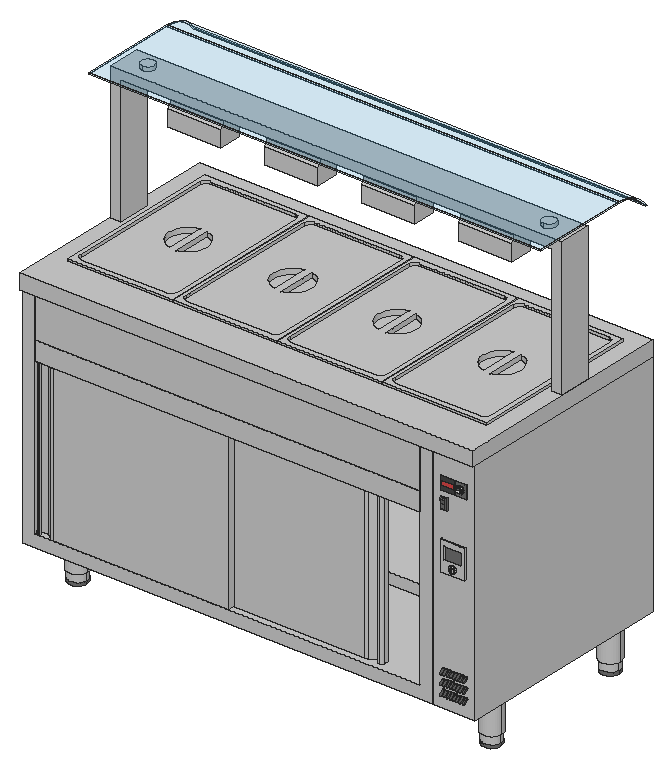
Revit family "QF_INOMAK_MVV714_250606090320", category Specialty Equipment, Revit 2021
Family settings
  Round Connector Dimension = Use Diameter
  Part Type = Normal
  OmniClass Number = 23.40.40.14
  OmniClass Title = Food Service Equipment
  Work Plane-Based = No
  Always vertical = Yes
  Cut with Voids When Loaded = No
  Shared = No
  Room Calculation Point = No
Parameters (values of type "MVV714")
  Weight [instance] = 78.00 kg
  Waste Water Discharge Temperature [instance] = 0 °C
  Waste Remarks [instance] = ""
  Warranty Start Date [instance] = ""
  Warranty Duration [instance] = ""
  Volts [instance] = 230 V
  Volt Free Conn [instance] = no
  URL Recommended Spares List [instance] = ""
  URL Manufacturer [instance] = ""
  URL Cutsheet [instance] = ""
  URL Critical Spares List [instance] = ""
  URL = "www.inomak.com"
  Technical Documentation [instance] = ""
  Tag Number [instance] = ""
  Status [instance] = ""
  Start Up Current [instance] = 0 A
  Specification by User [instance] = ""
  Specification by Manufacturer [instance] = ""
  Sound Level [instance] = ""
  Show Logo [instance] = yes
  Show Clearances [instance] = yes
  Service Life Duration [instance] = ""
  Serial Number [instance] = ""
  Seismic Rating [instance] = ""
  SMACNA No [instance] = ""
  Revision Code [instance] = ""
  Revision [instance] = ""
  Production Year [instance] = ""
  Potential Equalisation [instance] = no
  Point Load [instance] = 0
  Plumbing Remarks [instance] = ""
  Plumbing Connection Type [instance] = ""
  Phase [instance] = 1
  Other Equipment Approvals [instance] = ""
  Operational Current [instance] = 0 A
  Odor Trap Included [instance] = no
  Number of Poles [instance] = 2
  No Load Power Draw [instance] = no
  National Water Regulation Certification [instance] = no
  NAFEM Spec ID Number [instance] = ""
  Model Warning [instance] = ""
  Model = "MVV714"
  Min Ckt Ampacity [instance] = 0 A
  Max Overcurrent Protection [instance] = 16 A
  Masterspec [instance] = ""
  Manufacturer = "INOMAK"
  Main switch integrated [instance] = no
  Length Actual [instance] = 1406 mm
  Item Number [instance] = ""
  Installed By [instance] = ""
  Installation Date [instance] = ""
  Indirect Waste Size [instance] = 25.4 mm
  Indirect Waste Remarks [instance] = ""
  Indirect Waste Flow [instance] = 0.0 L/s
  Indirect Waste Connection Type [instance] = ""
  Indirect Waste Connection Height [instance] = 0 mm
  Identify Quantity as Lot [instance] = no
  ID [instance] = ""
  Hygiene Approval [instance] = ""
  Height Actual [instance] = 1313 mm
  HP power [instance] = ""
  Furnished By [instance] = ""
  Foodservice Equipment Identifier [instance] = no
  FL Amps [instance] = 11 A
  Electrical Remarks [instance] = ""
  Electric power [instance] = 2520 W
  Electric Connection Type [instance] = ""
  Elec Conn RI Height [instance] = 0 mm
  Elec Conn Connection Height [instance] = 0 mm
  ETL Approved [instance] = no
  Direct Waste Water Discharge Temperature [instance] = -273.15 °C
  Direct Waste Size [instance] = 25.4 mm
  Direct Waste RI Height [instance] = 0 mm
  Direct Waste Flow [instance] = 0.0 L/s
  Direct Waste Connection Height [instance] = 0 mm
  Description = "BAIN MARIE ON CUPBOARD WITH 3 GN PANS CAPACITY AND SINGLE SNEEZE GUARD"
  Depth Actual [instance] = 700 mm
  Default Elevation = 0 mm
  Cycle [instance] = 50 Hz
  Cost = 0
  Connection to energy optimisation system [instance] = yes
  Conn Plug [instance] = ""
  Conn Conduit [instance] = no
  Cold Water Temperature Recommended [instance] = 0 °C
  Cold Water Size [instance] = 12.7 mm
  Cold Water Remarks [instance] = ""
  Cold Water RI Height [instance] = 0 mm
  Cold Water Quality [instance] = ""
  Cold Water Minimum Pressure [instance] = 200000.0 Pa
  Cold Water Maximum Pressure [instance] = 600000.0 Pa
  Cold Water Flow [instance] = 0.0 L/s
  Cold Water Connection Type [instance] = ""
  Cold Water Connection Height [instance] = 0 mm
  Centralized building control system with digital interface [instance] = ""
  CSI MasterFormat [instance] = ""
  CE Approved [instance] = no
  Barcode [instance] = 0
  Author [instance] = ""
  Asset Identifier [instance] = ""
  Apparent Power [instance] = 2520 VA
  Accessory [instance] = no
Reference planes
  plane 1 "Center (Front/Back)": y = 0
  plane 2: z = 0
  plane 3 "Center (Left/Right)": x = 0
Forms (mm)
  Extrusion 1, solid, not visible
    sketch origin (110.005, -510.025, 146.007) x (1, 0, 0) y (0, 1, 0)
      loop
        line (-2, 2) -> (-2, -2) -> (2, -2) -> (2, 2) -> (-2, 2)
    from -2 to 2
  Extrusion 2, solid, not visible
    sketch origin (110.005, -410.02, 146.007) x (1, 0, 0) y (0, 1, 0)
      loop
        line (-2, 2) -> (-2, -2) -> (2, -2) -> (2, 2) -> (-2, 2)
    from -2 to 2
  Extrusion 3, solid, not visible
    sketch origin (1360.066, -635.031, 146.007) x (1, 0, 0) y (0, 1, 0)
      loop
        line (-2, 2) -> (-2, -2) -> (2, -2) -> (2, 2) -> (-2, 2)
    from -2 to 2
Dimensions and locks
  locked: nested 2 to Extrusion 1 at 2  (x2)
  locked: nested 3 to Extrusion 2 at 2  (x2)
  locked: nested 4 to Extrusion 3 at 2  (x2)
  aligned and locked: level to plane 2
Nested families
  nested 1: "QF_INOMAK_CUPBOARD_BAIN_MARIES_1410_2920" at (0, 0, 144), type "MVV714"
    with Weight 78.00 kg, Warranty Start Date "", Warranty Duration "", URL Cutsheet "", Technical Documentation "", Tag Number "", Status "", Specification by User "", Specification by Manufacturer "", Sound Level "", Solid Fuel Type "", Show Logo yes, Show Clearances yes, Service Life Duration "", Serial Number "", Seismic Rating "", SMACNA No "", Revision Code "", Revision "", Production Year "", Point Load 0, Other Equipment Approvals "", NAFEM Spec ID Number "", Model Warning "", Masterspec "", Length Actual 1406 mm, Item Number "", Installed By "", Installation Date "", Identify Quantity as Lot yes, ID "", Hygiene Approval "", Height Actual 1313 mm, Furnished By "", Foodservice Equipment Identifier yes, ETL Approved yes, Depth Actual 700 mm, CSI MasterFormat "", CE Approved yes, Barcode "", Author "", Asset Identifier "", Accessory no
  nested 2: "CONN_POINT_COLDWATER_2D___Generic_Annotation" at (110.005, -510.025, 144.007), type "CONN_POINT_COLDWATER_2D___Generic_Annotation"
    with Onboard connection annotation symbol visibility yes
  nested 3: "CONN_POINT_DRAIN_2D___Generic_Annotation" at (110.005, -410.02, 144.007), type "CONN_POINT_DRAIN_2D___Generic_Annotation"
    with Onboard connection annotation symbol visibility yes
  nested 4: "CONN_POINT_ELE_2D___Generic_Annotation" at (1360.066, -635.031, 144.007), type "CONN_POINT_ELE_2D___Generic_Annotation"
    with Onboard connection annotation symbol visibility yes
  nested 5: "QF_INOMAK_HEAT_WORKTOPS_HTSS_1410_5042" at (0, 0, 900), type "HTSS-1410-630"
    with Weight 0.00 kg, Warranty Start Date "", Warranty Duration "", URL Cutsheet "", Technical Documentation "", Tag Number "", Status "", Specification by User "", Specification by Manufacturer "", Sound Level "", Solid Fuel Type "", Show Logo yes, Show Clearances yes, Service Life Duration "", Serial Number "", Seismic Rating "", SMACNA No "", Revision Code "", Revision "", Production Year "", Point Load 0, Other Equipment Approvals "", NAFEM Spec ID Number "", Model Warning "", Masterspec "", Length Actual 1406 mm, Item Number "", Installed By "", Installation Date "", Identify Quantity as Lot yes, ID "", Hygiene Approval "", Height Actual 440 mm, Furnished By "", Foodservice Equipment Identifier yes, ETL Approved yes, Depth Actual 630 mm, CSI MasterFormat "", CE Approved yes, Barcode "", Author "", Asset Identifier "", Accessory yes
  nested 6: "QF_INOMAK_LEGS_6112" at (0, 0, 0), type "LG-1410-700"
    with Weight 0.00 kg, Warranty Start Date "", Warranty Duration "", URL Cutsheet "", Technical Documentation "", Tag Number "", Status "", Specification by User "", Specification by Manufacturer "", Sound Level "", Solid Fuel Type "", Show Logo yes, Show Clearances yes, Service Life Duration "", Serial Number "", Seismic Rating "", SMACNA No "", Revision Code "", Revision "", Production Year "", Point Load 0, Other Equipment Approvals "", NAFEM Spec ID Number "", Model Warning "", Masterspec "", Length Actual 1406 mm, Item Number "", Installed By "", Installation Date "", Identify Quantity as Lot yes, ID "", Hygiene Approval "", Height Actual 144 mm, Furnished By "", Foodservice Equipment Identifier yes, ETL Approved yes, Depth Actual 700 mm, CSI MasterFormat "", CE Approved yes, Barcode "", Author "", Asset Identifier "", Accessory yes
Connectors
  piping at (110.005, -510.025, 144.007), diameter 12.7, driven by "Cold Water Size", driven by "Cold Water Flow"
    settings: on Extrusion 1, index 1, connector inside diameter 609.6 mm, connector length 0 mm, flow factor 0, pipe flow 0.0 L/s, pressure drop 0.0 Pa, fitting loss kfactor 0, connector angle 0.00°, fixture units 0, engagement length 0 mm, angle of deflection 0.00°, flow configuration 1, flow direction 1, fitting loss method 0, system type 20, joint type 0, gender type 0, connector reference index -1, connector utility 0, adjustable connector no, is connector primary yes, connector description "Cold Water connection for MVV714"
  piping at (110.005, -410.02, 144.007), diameter 25.4, driven by "Indirect Waste Size", driven by "Direct Waste Flow"
    settings: on Extrusion 2, index 2, connector inside diameter 609.6 mm, connector length 0 mm, flow factor 0, pipe flow 0.0 L/s, pressure drop 0.0 Pa, fitting loss kfactor 0, connector angle 0.00°, fixture units 0, engagement length 0 mm, angle of deflection 0.00°, flow configuration 1, flow direction 2, fitting loss method 0, system type 16, joint type 0, gender type 0, connector reference index -1, connector utility 0, adjustable connector no, is connector primary no, connector description "Waste connection for MVV714"
  electrical at (1360.066, -635.031, 144.007), driven by "Apparent Power", driven by "Number of Poles", driven by "Volts"
    settings: on Extrusion 3, index 3, voltage 230 V, apparent load 0 VA, apparent load phase1 2520 VA, apparent load phase2 0 VA, apparent load phase3 0 VA, power factor 1, load classification "Other", number of poles 2, system type 31, power factor state 1, is connector primary yes, connector utility no, sub classification motor no, connector description "Electrical connection for MVV714"
Definition of nested family "QF_INOMAK_CUPBOARD_BAIN_MARIES_1410_2920"
  Parameters (values of type "MFV714")
    Weight [instance] = 0.00 kg
    Warranty Start Date [instance] = ""
    Warranty Duration [instance] = ""
    URL Cutsheet [instance] = ""
    URL = "www.inomak.com"
    Technical Documentation [instance] = ""
    Tag Number [instance] = ""
    Status [instance] = ""
    Specification by User [instance] = ""
    Specification by Manufacturer [instance] = ""
    Sound Level [instance] = ""
    Solid Fuel Type [instance] = ""
    Show Logo [instance] = yes
    Show Clearances [instance] = yes
    Service Life Duration [instance] = ""
    Serial Number [instance] = ""
    Seismic Rating [instance] = ""
    SMACNA No [instance] = ""
    Revision Code [instance] = ""
    Revision [instance] = ""
    Production Year [instance] = ""
    Point Load [instance] = 0
    Other Equipment Approvals [instance] = ""
    NAFEM Spec ID Number [instance] = ""
    Model Warning [instance] = ""
    Model = "MFV714"
    Masterspec [instance] = ""
    Manufacturer = "INOMAK"
    Length Actual [instance] = 0 mm
    Item Number [instance] = ""
    Installed By [instance] = ""
    Installation Date [instance] = ""
    Identify Quantity as Lot [instance] = yes
    ID [instance] = ""
    Hygiene Approval [instance] = ""
    Height Actual [instance] = 0 mm
    Furnished By [instance] = ""
    Foodservice Equipment Identifier [instance] = yes
    ETL Approved [instance] = yes
    Description = "BAIN MARIE ON CUPBOARD WITH 3 GN PANS CAPACITY AND SHOWCASE"
    Depth Actual [instance] = 0 mm
    Default Elevation = 0 mm
    CSI MasterFormat [instance] = ""
    CE Approved [instance] = yes
    Barcode [instance] = ""
    Author [instance] = ""
    Asset Identifier [instance] = ""
    Assembly Code = "E1090320"
    Accessory [instance] = yes
  Types (10, lengths in mm): name | Model | Description
    MFV714 | "MFV714" | "BAIN MARIE ON CUPBOARD WITH 3 GN PANS CAPACITY AND SHOWCASE"
    MDV714 | "MDV714" | "BAIN MARIE ON CUPBOARD WITH 3 GN PANS CAPACITY"
    MVV714 | "MVV714" | "BAIN MARIE ON CUPBOARD WITH 3 GN PANS CAPACITY AND SINGLE SNEEZE GUARD"
    MRV714 | "MRV714" | "BAIN MARIE ON CUPBOARD WITH 3 GN PANS CAPACITY AND DOUBLE SNEEZE GUARD"
    MFSQ714 | "MFSQ714" | "BAIN MARIE ON CUPBOARD WITH 3 GN PANS CAPACITY AND SQUARE SHOWCASE"
    MIV714 | "MIV714" | "BAIN MARIE ON HEATED CUPBOARD WITH 3 GN PANS CAPACITY AND SHOWCASE"
    MHV714 | "MHV714" | "BAIN MARIE ON HEATED CUPBOARD WITH 3 GN PANS CAPACITY"
    MJV714 | "MJV714" | "BAIN MARIE ON HEATED CUPBOARD WITH 3 GN PANS CAPACITY AND SINGLE SNEEZE GUARD"
    MQV714 | "MQV714" | "BAIN MARIE ON HEATED CUPBOARD WITH 3 GN PANS CAPACITY AND DOUBLE SNEEZE GUARD"
    MISQ714 | "MISQ714" | "BAIN MARIE ON HEATED CUPBOARD WITH 3 GN PANS CAPACITY AND SQUARE SHOWCASE"
  Reference planes
    plane 1 "Back": y = 0
    plane 2: z = 0
    plane 3 "Left": x = 0
    plane 4 "Right": x = 1406
    plane 5 "Front": y = -700
    plane 6 "Top": z = 756
  Forms (mm)
    Extrusion 1, solid
      sketch origin (784.283, -707, -123.631) x (-1, 0, 0) y (0, 0, 1)
        loop
          arc (-522.253, 235.165) -> (-526.351, 236.263) -> (-527.449, 232.165) r 3
          line (-527.449, 232.165) -> (-518.449, 216.577)
          arc (-518.449, 216.577) -> (-514.351, 215.479) -> (-513.253, 219.577) r 3
          line (-513.253, 219.577) -> (-522.253, 235.165)
        loop
          arc (-532.253, 235.165) -> (-536.351, 236.263) -> (-537.449, 232.165) r 3
          line (-537.449, 232.165) -> (-528.449, 216.577)
          arc (-528.449, 216.577) -> (-524.351, 215.479) -> (-523.253, 219.577) r 3
          line (-523.253, 219.577) -> (-532.253, 235.165)
        loop
          arc (-542.253, 235.165) -> (-546.351, 236.263) -> (-547.449, 232.165) r 3
          line (-547.449, 232.165) -> (-538.449, 216.577)
          arc (-538.449, 216.577) -> (-534.351, 215.479) -> (-533.253, 219.577) r 3
          line (-533.253, 219.577) -> (-542.253, 235.165)
        loop
          arc (-552.253, 235.165) -> (-556.351, 236.263) -> (-557.449, 232.165) r 3
          line (-557.449, 232.165) -> (-548.449, 216.577)
          arc (-548.449, 216.577) -> (-544.351, 215.479) -> (-543.253, 219.577) r 3
          line (-543.253, 219.577) -> (-552.253, 235.165)
        loop
          arc (-562.253, 235.165) -> (-566.351, 236.263) -> (-567.449, 232.165) r 3
          line (-567.449, 232.165) -> (-558.449, 216.577)
          arc (-558.449, 216.577) -> (-554.351, 215.479) -> (-553.253, 219.577) r 3
          line (-553.253, 219.577) -> (-562.253, 235.165)
        loop
          arc (-572.253, 235.165) -> (-576.351, 236.263) -> (-577.449, 232.165) r 3
          line (-577.449, 232.165) -> (-568.449, 216.577)
          arc (-568.449, 216.577) -> (-564.351, 215.479) -> (-563.253, 219.577) r 3
          line (-563.253, 219.577) -> (-572.253, 235.165)
        loop
          arc (-582.253, 235.165) -> (-586.351, 236.263) -> (-587.449, 232.165) r 3
          line (-587.449, 232.165) -> (-578.449, 216.577)
          arc (-578.449, 216.577) -> (-574.351, 215.479) -> (-573.253, 219.577) r 3
          line (-573.253, 219.577) -> (-582.253, 235.165)
        loop
          arc (-592.253, 235.165) -> (-596.351, 236.263) -> (-597.449, 232.165) r 3
          line (-597.449, 232.165) -> (-588.449, 216.577)
          arc (-588.449, 216.577) -> (-584.351, 215.479) -> (-583.253, 219.577) r 3
          line (-583.253, 219.577) -> (-592.253, 235.165)
        loop
          arc (-522.253, 205.165) -> (-526.351, 206.263) -> (-527.449, 202.165) r 3
          line (-527.449, 202.165) -> (-518.449, 186.577)
          arc (-518.449, 186.577) -> (-514.351, 185.479) -> (-513.253, 189.577) r 3
          line (-513.253, 189.577) -> (-522.253, 205.165)
        loop
          arc (-532.253, 205.165) -> (-536.351, 206.263) -> (-537.449, 202.165) r 3
          line (-537.449, 202.165) -> (-528.449, 186.577)
          arc (-528.449, 186.577) -> (-524.351, 185.479) -> (-523.253, 189.577) r 3
          line (-523.253, 189.577) -> (-532.253, 205.165)
        loop
          arc (-542.253, 205.165) -> (-546.351, 206.263) -> (-547.449, 202.165) r 3
          line (-547.449, 202.165) -> (-538.449, 186.577)
          arc (-538.449, 186.577) -> (-534.351, 185.479) -> (-533.253, 189.577) r 3
          line (-533.253, 189.577) -> (-542.253, 205.165)
        loop
          arc (-552.253, 205.165) -> (-556.351, 206.263) -> (-557.449, 202.165) r 3
          line (-557.449, 202.165) -> (-548.449, 186.577)
          arc (-548.449, 186.577) -> (-544.351, 185.479) -> (-543.253, 189.577) r 3
          line (-543.253, 189.577) -> (-552.253, 205.165)
        loop
          arc (-562.253, 205.165) -> (-566.351, 206.263) -> (-567.449, 202.165) r 3
          line (-567.449, 202.165) -> (-558.449, 186.577)
          arc (-558.449, 186.577) -> (-554.351, 185.479) -> (-553.253, 189.577) r 3
          line (-553.253, 189.577) -> (-562.253, 205.165)
        loop
          arc (-572.253, 205.165) -> (-576.351, 206.263) -> (-577.449, 202.165) r 3
          line (-577.449, 202.165) -> (-568.449, 186.577)
          arc (-568.449, 186.577) -> (-564.351, 185.479) -> (-563.253, 189.577) r 3
          line (-563.253, 189.577) -> (-572.253, 205.165)
        loop
          arc (-582.253, 205.165) -> (-586.351, 206.263) -> (-587.449, 202.165) r 3
          line (-587.449, 202.165) -> (-578.449, 186.577)
          arc (-578.449, 186.577) -> (-574.351, 185.479) -> (-573.253, 189.577) r 3
          line (-573.253, 189.577) -> (-582.253, 205.165)
        loop
          arc (-592.253, 205.165) -> (-596.351, 206.263) -> (-597.449, 202.165) r 3
          line (-597.449, 202.165) -> (-588.449, 186.577)
          arc (-588.449, 186.577) -> (-584.351, 185.479) -> (-583.253, 189.577) r 3
          line (-583.253, 189.577) -> (-592.253, 205.165)
        loop
          arc (-522.253, 175.165) -> (-526.351, 176.263) -> (-527.449, 172.165) r 3
          line (-527.449, 172.165) -> (-518.449, 156.577)
          arc (-518.449, 156.577) -> (-514.351, 155.479) -> (-513.253, 159.577) r 3
          line (-513.253, 159.577) -> (-522.253, 175.165)
        loop
          arc (-532.253, 175.165) -> (-536.351, 176.263) -> (-537.449, 172.165) r 3
          line (-537.449, 172.165) -> (-528.449, 156.577)
          arc (-528.449, 156.577) -> (-524.351, 155.479) -> (-523.253, 159.577) r 3
          line (-523.253, 159.577) -> (-532.253, 175.165)
        loop
          arc (-542.253, 175.165) -> (-546.351, 176.263) -> (-547.449, 172.165) r 3
          line (-547.449, 172.165) -> (-538.449, 156.577)
          arc (-538.449, 156.577) -> (-534.351, 155.479) -> (-533.253, 159.577) r 3
          line (-533.253, 159.577) -> (-542.253, 175.165)
        loop
          arc (-552.253, 175.165) -> (-556.351, 176.263) -> (-557.449, 172.165) r 3
          line (-557.449, 172.165) -> (-548.449, 156.577)
          arc (-548.449, 156.577) -> (-544.351, 155.479) -> (-543.253, 159.577) r 3
          line (-543.253, 159.577) -> (-552.253, 175.165)
        loop
          arc (-562.253, 175.165) -> (-566.351, 176.263) -> (-567.449, 172.165) r 3
          line (-567.449, 172.165) -> (-558.449, 156.577)
          arc (-558.449, 156.577) -> (-554.351, 155.479) -> (-553.253, 159.577) r 3
          line (-553.253, 159.577) -> (-562.253, 175.165)
        loop
          arc (-572.253, 175.165) -> (-576.351, 176.263) -> (-577.449, 172.165) r 3
          line (-577.449, 172.165) -> (-568.449, 156.577)
          arc (-568.449, 156.577) -> (-564.351, 155.479) -> (-563.253, 159.577) r 3
          line (-563.253, 159.577) -> (-572.253, 175.165)
        loop
          arc (-582.253, 175.165) -> (-586.351, 176.263) -> (-587.449, 172.165) r 3
          line (-587.449, 172.165) -> (-578.449, 156.577)
          arc (-578.449, 156.577) -> (-574.351, 155.479) -> (-573.253, 159.577) r 3
          line (-573.253, 159.577) -> (-582.253, 175.165)
        loop
          arc (-592.253, 175.165) -> (-596.351, 176.263) -> (-597.449, 172.165) r 3
          line (-597.449, 172.165) -> (-588.449, 156.577)
          arc (-588.449, 156.577) -> (-584.351, 155.479) -> (-583.253, 159.577) r 3
          line (-583.253, 159.577) -> (-592.253, 175.165)
      from 16.5 to 18.5
    Extrusion 2, solid
      sketch origin (1092.266, -692, 538.514) x (-1, 0, 0) y (0, 0, 1)
        loop
          line (-208.234, 108.408) -> (-253.234, 108.408) -> (-253.234, 68.408) -> (-208.234, 68.408) -> (-208.234, 108.408)
      from 0 to 2
    Extrusion 3, solid
      sketch origin (370.5, -693, 539.422) x (-1, 0, 0) y (0, 0, 1)
        loop
          line (-950, 15) -> (-930, 15) -> (-930, 50) -> (-950, 50) -> (-950, 15)
      from 0 to 3
    Extrusion 4, solid
      sketch origin (398.5, -568, 539.422) x (0, 1, 0) y (0, 0, 1)
        loop
          line (-125, 18) -> (-125, 47)
          arc (-125, 47) -> (-127.961, 46.812) -> (-130.754, 45.81) r 10.576
          line (-130.754, 45.81) -> (-128, 32.5) -> (-128, 18) -> (-125, 18)
      from 905 to 919
    Extrusion 5, solid
      sketch origin (1137.266, -692, 538.514) x (-1, 0, 0) y (0, 0, 1)
        loop
          line (-208.234, 108.408) -> (-243.234, 108.408) -> (-243.234, 68.408) -> (-208.234, 68.408) -> (-208.234, 108.408)
      from 0 to 2
    Extrusion 6, solid
      sketch origin (1092.266, -692.5, 538.514) x (-1, 0, 0) y (0, 0, 1)
        loop
          line (-213.234, 94.908) -> (-248.234, 94.908) -> (-248.234, 81.908) -> (-213.234, 81.908) -> (-213.234, 94.908)
      from 0 to 2.5
    Extrusion 7, solid
      sketch origin (1092.266, -692.5, 538.514) x (-1, 0, 0) y (0, 0, 1)
        loop
          line (-271.558, 91.171) -> (-275.802, 98.522) -> (-280.047, 91.171) -> (-271.558, 91.171)
        loop
          line (-271.558, 85.645) -> (-280.047, 85.645) -> (-275.802, 78.294) -> (-271.558, 85.645)
        loop
          line (-257.397, 85.645) -> (-267.397, 85.645) -> (-267.397, 78.294) -> (-257.397, 78.294) -> (-257.397, 85.645)
        loop
          line (-265.397, 98.522) -> (-267.397, 98.522) -> (-267.397, 92.322) -> (-259.549, 92.322) -> (-259.549, 91.171) -> (-257.397, 93.322) -> (-259.549, 95.474) -> (-259.549, 94.322) -> (-265.397, 94.322) -> (-265.397, 98.522)
      from 0 to 2.5
    Extrusion 8, solid
      sketch origin (-2, 0, 492) x (1, 0, 0) y (0, 1, 0)
        loop
          line (55, -50) -> (55, -580) -> (380, -580) -> (380, -50) -> (55, -50)
        loop
          arc (87.5, -65) -> (73.358, -70.858) -> (67.5, -85) r 20
          line (67.5, -85) -> (67.5, -545.415)
          arc (67.5, -545.415) -> (73.358, -559.557) -> (87.5, -565.415) r 20
          line (87.5, -565.415) -> (347.5, -565.415)
          arc (347.5, -565.415) -> (361.642, -559.557) -> (367.5, -545.415) r 20
          line (367.5, -545.415) -> (367.5, -85)
          arc (367.5, -85) -> (361.642, -70.858) -> (347.5, -65) r 20
          line (347.5, -65) -> (87.5, -65)
      from 218 to 270
    Extrusion 9, solid
      sketch origin (-2, 0, 485) x (1, 0, 0) y (0, 1, 0)
        loop
          arc (67.5, -545.415) -> (73.358, -559.557) -> (87.5, -565.415) r 20
          line (87.5, -565.415) -> (347.5, -565.415)
          arc (347.5, -565.415) -> (361.642, -559.557) -> (367.5, -545.415) r 20
          line (367.5, -545.415) -> (367.5, -85)
          arc (367.5, -85) -> (361.642, -70.858) -> (347.5, -65) r 20
          line (347.5, -65) -> (87.5, -65)
          arc (87.5, -65) -> (73.358, -70.858) -> (67.5, -85) r 20
          line (67.5, -85) -> (67.5, -545.415)
      from 225 to 270
    Extrusion 10, void
      sketch origin (-2, 0, 500) x (1, 0, 0) y (0, 1, 0)
        loop
          arc (207.5, -256.046) -> (157.5, -315.207) -> (207.5, -374.368) r 60
          line (207.5, -374.368) -> (207.5, -256.046)
        loop
          line (227.5, -256.046) -> (227.5, -374.368)
          arc (227.5, -374.368) -> (277.5, -315.207) -> (227.5, -256.046) r 60
      from 240 to 270
    Extrusion 11, solid
      sketch origin (323, 0, 492) x (1, 0, 0) y (0, 1, 0)
        loop
          line (55, -50) -> (55, -580) -> (380, -580) -> (380, -50) -> (55, -50)
        loop
          arc (87.5, -65) -> (73.358, -70.858) -> (67.5, -85) r 20
          line (67.5, -85) -> (67.5, -545.415)
          arc (67.5, -545.415) -> (73.358, -559.557) -> (87.5, -565.415) r 20
          line (87.5, -565.415) -> (347.5, -565.415)
          arc (347.5, -565.415) -> (361.642, -559.557) -> (367.5, -545.415) r 20
          line (367.5, -545.415) -> (367.5, -85)
          arc (367.5, -85) -> (361.642, -70.858) -> (347.5, -65) r 20
          line (347.5, -65) -> (87.5, -65)
      from 218 to 270
    Extrusion 12, solid
      sketch origin (323, 0, 485) x (1, 0, 0) y (0, 1, 0)
        loop
          arc (67.5, -545.415) -> (73.358, -559.557) -> (87.5, -565.415) r 20
          line (87.5, -565.415) -> (347.5, -565.415)
          arc (347.5, -565.415) -> (361.642, -559.557) -> (367.5, -545.415) r 20
          line (367.5, -545.415) -> (367.5, -85)
          arc (367.5, -85) -> (361.642, -70.858) -> (347.5, -65) r 20
          line (347.5, -65) -> (87.5, -65)
          arc (87.5, -65) -> (73.358, -70.858) -> (67.5, -85) r 20
          line (67.5, -85) -> (67.5, -545.415)
      from 225 to 270
    Extrusion 13, void
      sketch origin (323, 0, 500) x (1, 0, 0) y (0, 1, 0)
        loop
          arc (207.5, -256.046) -> (157.5, -315.207) -> (207.5, -374.368) r 60
          line (207.5, -374.368) -> (207.5, -256.046)
        loop
          line (227.5, -256.046) -> (227.5, -374.368)
          arc (227.5, -374.368) -> (277.5, -315.207) -> (227.5, -256.046) r 60
      from 240 to 270
    Extrusion 14, solid
      sketch origin (973, 0, 492) x (1, 0, 0) y (0, 1, 0)
        loop
          line (55, -50) -> (55, -580) -> (380, -580) -> (380, -50) -> (55, -50)
        loop
          arc (87.5, -65) -> (73.358, -70.858) -> (67.5, -85) r 20
          line (67.5, -85) -> (67.5, -545.415)
          arc (67.5, -545.415) -> (73.358, -559.557) -> (87.5, -565.415) r 20
          line (87.5, -565.415) -> (347.5, -565.415)
          arc (347.5, -565.415) -> (361.642, -559.557) -> (367.5, -545.415) r 20
          line (367.5, -545.415) -> (367.5, -85)
          arc (367.5, -85) -> (361.642, -70.858) -> (347.5, -65) r 20
          line (347.5, -65) -> (87.5, -65)
      from 218 to 270
    Extrusion 15, solid
      sketch origin (973, 0, 485) x (1, 0, 0) y (0, 1, 0)
        loop
          arc (67.5, -545.415) -> (73.358, -559.557) -> (87.5, -565.415) r 20
          line (87.5, -565.415) -> (347.5, -565.415)
          arc (347.5, -565.415) -> (361.642, -559.557) -> (367.5, -545.415) r 20
          line (367.5, -545.415) -> (367.5, -85)
          arc (367.5, -85) -> (361.642, -70.858) -> (347.5, -65) r 20
          line (347.5, -65) -> (87.5, -65)
          arc (87.5, -65) -> (73.358, -70.858) -> (67.5, -85) r 20
          line (67.5, -85) -> (67.5, -545.415)
      from 225 to 270
    Extrusion 16, void
      sketch origin (973, 0, 500) x (1, 0, 0) y (0, 1, 0)
        loop
          arc (207.5, -256.046) -> (157.5, -315.207) -> (207.5, -374.368) r 60
          line (207.5, -374.368) -> (207.5, -256.046)
        loop
          line (227.5, -256.046) -> (227.5, -374.368)
          arc (227.5, -374.368) -> (277.5, -315.207) -> (227.5, -256.046) r 60
      from 240 to 270
    Extrusion 17, solid
      sketch origin (0, 0, 710) x (1, 0, 0) y (0, 1, 0)
        loop
          line (0, 0) -> (0, -700) -> (1406, -700) -> (1406, 0) -> (0, 0)
        loop
          line (53, -50) -> (53, -580) -> (1353, -580) -> (1353, -50) -> (53, -50)
      from 0 to 46
    Extrusion 18, solid
      sketch origin (0, 0, 0) x (1, 0, 0) y (0, 1, 0)
        loop
          line (0, -690) -> (40, -690) -> (40, -40) -> (1235, -40) -> (1235, -690) -> (1275, -690) -> (1275, 0) -> (0, 0) -> (0, -690)
      from 0 to 710
    Extrusion 19, solid
      sketch origin (303, 0, 0) x (1, 0, 0) y (0, 1, 0)
        loop
          line (972, 0) -> (972, -690) -> (1103, -690) -> (1103, 0) -> (972, 0)
      from 0 to 710
    Extrusion 20, solid
      sketch origin (-130, -690, 0) x (-1, 0, 0) y (0, 1, 0)
        loop
          line (-170, 10) -> (-170, 20) -> (-770, 20) -> (-770, 0) -> (-226.156, 0)
          arc (-226.156, 0) -> (-220.272, 0.885) -> (-214.91, 3.461) r 20
          line (-214.91, 3.461) -> (-195, 17) -> (-173, 17) -> (-173, 10)
          arc (-173, 10) -> (-175.05, 5.05) -> (-180, 3) r 7
          line (-180, 3) -> (-185.012, 3) -> (-185.012, 0) -> (-180, 0)
          arc (-180, 0) -> (-172.929, 2.929) -> (-170, 10) r 10
      from -40 to -520
    Extrusion 21, solid
      sketch origin (173, -690, 0) x (-1, 0, 0) y (0, 1, 0)
        loop
          arc (-930, 30) -> (-927.071, 22.929) -> (-920, 20) r 10
          line (-920, 20) -> (-914.988, 20) -> (-914.988, 23) -> (-920, 23)
          arc (-920, 23) -> (-924.95, 25.05) -> (-927, 30) r 7
          line (-927, 30) -> (-927, 37) -> (-905, 37) -> (-885.09, 23.461)
          arc (-885.09, 23.461) -> (-879.728, 20.885) -> (-873.844, 20) r 20
          line (-873.844, 20) -> (-325, 20) -> (-325, 40) -> (-930, 40) -> (-930, 30)
      from -40 to -520
    Extrusion 22, solid
      sketch origin (0, 0, 0) x (1, 0, 0) y (0, 1, 0)
        loop
          line (40, -40) -> (40, -690) -> (1235, -690) -> (1235, -40) -> (40, -40)
      from 0 to 40
    Extrusion 23, solid
      sketch origin (0, 0, 672.314) x (1, 0, 0) y (0, 1, 0)
        loop
          line (40, -40) -> (40, -690) -> (1235, -690) -> (1235, -40) -> (40, -40)
      from -92.314 to 37.686
    Extrusion 24, solid
      sketch origin (0, 0, 610.314) x (1, 0, 0) y (0, 1, 0)
        loop
          line (40, -40) -> (40, -690) -> (1235, -690) -> (1235, -40) -> (40, -40)
      from -90.314 to -30.314
    Extrusion 25, solid
      sketch origin (-2, 0, 252.5) x (1, 0, 0) y (0, 1, 0)
        loop
          line (42, -40) -> (42, -645) -> (1237, -645) -> (1237, -40) -> (42, -40)
      from 0 to 35
    Extrusion 26, solid
      sketch origin (310.002, -695, 50) x (-1, 0, 0) y (0, 0, 1)
        loop
          line (-992.998, 421.076) -> (-1067.998, 421.076) -> (-1067.998, 331.076) -> (-992.998, 331.076) -> (-992.998, 421.076)
        loop
          line (-1003.957, 406.276) -> (-1058.957, 406.276) -> (-1058.957, 366.276) -> (-1003.957, 366.276) -> (-1003.957, 406.276)
      from 0 to 5
    Extrusion 27, solid
      sketch origin (310.002, -692, 50) x (-1, 0, 0) y (0, 0, 1)
        loop
          line (-1003.957, 406.276) -> (-1058.957, 406.276) -> (-1058.957, 366.276) -> (-1003.957, 366.276) -> (-1003.957, 406.276)
      from 0 to 2
    Revolve 28, solid
      sketch origin (1340.5, 59.612, -3292.415) x (0, 1, 0) y (0, 0, 1)
        loop
          line (-757.012, 3691.152) -> (-754.612, 3691.152) -> (-754.612, 3701.789) -> (-757.662, 3701.789) -> (-759.012, 3699.998) -> (-757.012, 3699.998) -> (-757.012, 3691.152)
        axis (-754.612, 3691.152) -> (-759.012, 3691.152)
      angle from 0 to 360
    Extrusion 29, solid
      sketch origin (-751.127, -695, 2689.585) x (-1, 0, 0) y (0, 0, 1)
        loop
          line (-2090.827, -2287.348) -> (-2092.827, -2287.348) -> (-2092.827, -2294.348) -> (-2090.827, -2294.348) -> (-2090.827, -2287.348)
        loop
          circle (-2091.627, -2290.848) r 7.846
      from -4.4 to -2.4
    Extrusion 30, solid
      sketch origin (648, 0, 492) x (1, 0, 0) y (0, 1, 0)
        loop
          line (55, -50) -> (55, -580) -> (380, -580) -> (380, -50) -> (55, -50)
        loop
          arc (87.5, -65) -> (73.358, -70.858) -> (67.5, -85) r 20
          line (67.5, -85) -> (67.5, -545.415)
          arc (67.5, -545.415) -> (73.358, -559.557) -> (87.5, -565.415) r 20
          line (87.5, -565.415) -> (347.5, -565.415)
          arc (347.5, -565.415) -> (361.642, -559.557) -> (367.5, -545.415) r 20
          line (367.5, -545.415) -> (367.5, -85)
          arc (367.5, -85) -> (361.642, -70.858) -> (347.5, -65) r 20
          line (347.5, -65) -> (87.5, -65)
      from 218 to 270
    Extrusion 31, solid
      sketch origin (648, 0, 485) x (1, 0, 0) y (0, 1, 0)
        loop
          arc (67.5, -545.415) -> (73.358, -559.557) -> (87.5, -565.415) r 20
          line (87.5, -565.415) -> (347.5, -565.415)
          arc (347.5, -565.415) -> (361.642, -559.557) -> (367.5, -545.415) r 20
          line (367.5, -545.415) -> (367.5, -85)
          arc (367.5, -85) -> (361.642, -70.858) -> (347.5, -65) r 20
          line (347.5, -65) -> (87.5, -65)
          arc (87.5, -65) -> (73.358, -70.858) -> (67.5, -85) r 20
          line (67.5, -85) -> (67.5, -545.415)
      from 225 to 270
    Extrusion 32, void
      sketch origin (648, 0, 500) x (1, 0, 0) y (0, 1, 0)
        loop
          arc (207.5, -256.046) -> (157.5, -315.207) -> (207.5, -374.368) r 60
          line (207.5, -374.368) -> (207.5, -256.046)
        loop
          line (227.5, -256.046) -> (227.5, -374.368)
          arc (227.5, -374.368) -> (277.5, -315.207) -> (227.5, -256.046) r 60
      from 240 to 270
  Cuts and joins
    Extrusion 10, Extrusion 13 cuts Extrusion 9
    Extrusion 13, Extrusion 16, Extrusion 32 cuts Extrusion 12
    Extrusion 16 cuts Extrusion 15
    joined: Extrusion 18, Extrusion 22
    Extrusion 32 cuts Extrusion 31
  Lines and regions (mm)
    symbolic lines
      curve 1: line (0, 0, 0) -> (1406, 0, 0)
      curve 2: line (0, -700, 0) -> (0, 0, 0)
      curve 3: line (1406, -700, 0) -> (0, -700, 0)
      curve 4: line (1406, 0, 0) -> (1406, -700, 0)
      curve 5: line (53, -50, 0) -> (1353, -50, 0)
      curve 6: line (53, -580, 0) -> (53, -50, 0)
      curve 7: line (1353, -580, 0) -> (53, -580, 0)
      curve 8: line (703, -50, 0) -> (703, -580, 0)
      curve 9: line (378, -50, 0) -> (378, -580, 0)
      curve 10: line (1353, -50, 0) -> (1353, -580, 0)
      curve 11: line (1028, -50, 0) -> (1028, -580, 0)
      curve 12: line (85.5, -65, 0) -> (345.5, -65, 0)
      curve 13: arc (345.5, -65, 0) -> (359.642, -70.858, 0) -> (365.5, -85, 0) r 20
      curve 14: line (365.5, -85, 0) -> (365.5, -545.415, 0)
      curve 15: arc (365.5, -545.415, 0) -> (359.642, -559.557, 0) -> (345.5, -565.415, 0) r 20
      curve 16: line (345.5, -565.415, 0) -> (85.5, -565.415, 0)
      curve 17: arc (85.5, -565.415, 0) -> (71.358, -559.557, 0) -> (65.5, -545.415, 0) r 20
      curve 18: line (65.5, -545.415, 0) -> (65.5, -85, 0)
      curve 19: arc (65.5, -85, 0) -> (71.358, -70.858, 0) -> (85.5, -65, 0) r 20
      curve 20: arc (205.5, -256.046, 0) -> (155.5, -315.207, 0) -> (205.5, -374.368, 0) r 60
      curve 21: line (205.5, -374.368, 0) -> (205.5, -256.046, 0)
      curve 22: line (225.5, -256.046, 0) -> (225.5, -374.368, 0)
      curve 23: arc (225.5, -374.368, 0) -> (275.5, -315.207, 0) -> (225.5, -256.046, 0) r 60
      curve 24: arc (390.5, -85, 0) -> (396.358, -70.858, 0) -> (410.5, -65, 0) r 20
      curve 25: line (410.5, -65, 0) -> (670.5, -65, 0)
      curve 26: arc (670.5, -65, 0) -> (684.642, -70.858, 0) -> (690.5, -85, 0) r 20
      curve 27: line (690.5, -85, 0) -> (690.5, -545.415, 0)
      curve 28: arc (690.5, -545.415, 0) -> (684.642, -559.557, 0) -> (670.5, -565.415, 0) r 20
      curve 29: line (670.5, -565.415, 0) -> (410.5, -565.415, 0)
      curve 30: arc (410.5, -565.415, 0) -> (396.358, -559.557, 0) -> (390.5, -545.415, 0) r 20
      curve 31: line (390.5, -545.415, 0) -> (390.5, -85, 0)
      curve 32: arc (530.5, -256.046, 0) -> (480.5, -315.207, 0) -> (530.5, -374.368, 0) r 60
      curve 33: line (530.5, -374.368, 0) -> (530.5, -256.046, 0)
      curve 34: line (550.5, -256.046, 0) -> (550.5, -374.368, 0)
      curve 35: arc (550.5, -374.368, 0) -> (600.5, -315.207, 0) -> (550.5, -256.046, 0) r 60
      curve 36: line (715.5, -545.415, 0) -> (715.5, -85, 0)
      curve 37: arc (715.5, -85, 0) -> (721.358, -70.858, 0) -> (735.5, -65, 0) r 20
      curve 38: line (735.5, -65, 0) -> (995.5, -65, 0)
      curve 39: arc (995.5, -65, 0) -> (1009.642, -70.858, 0) -> (1015.5, -85, 0) r 20
      curve 40: line (1015.5, -85, 0) -> (1015.5, -545.415, 0)
      curve 41: arc (1015.5, -545.415, 0) -> (1009.642, -559.557, 0) -> (995.5, -565.415, 0) r 20
      curve 42: line (995.5, -565.415, 0) -> (735.5, -565.415, 0)
      curve 43: arc (735.5, -565.415, 0) -> (721.358, -559.557, 0) -> (715.5, -545.415, 0) r 20
      curve 44: arc (855.5, -256.046, 0) -> (805.5, -315.207, 0) -> (855.5, -374.368, 0) r 60
      curve 45: line (855.5, -374.368, 0) -> (855.5, -256.046, 0)
      curve 46: line (875.5, -256.046, 0) -> (875.5, -374.368, 0)
      curve 47: arc (875.5, -374.368, 0) -> (925.5, -315.207, 0) -> (875.5, -256.046, 0) r 60
      curve 48: line (1060.5, -65, 0) -> (1320.5, -65, 0)
      curve 49: arc (1320.5, -65, 0) -> (1334.642, -70.858, 0) -> (1340.5, -85, 0) r 20
      curve 50: line (1340.5, -85, 0) -> (1340.5, -545.415, 0)
      curve 51: arc (1340.5, -545.415, 0) -> (1334.642, -559.557, 0) -> (1320.5, -565.415, 0) r 20
      curve 52: line (1320.5, -565.415, 0) -> (1060.5, -565.415, 0)
      curve 53: arc (1060.5, -565.415, 0) -> (1046.358, -559.557, 0) -> (1040.5, -545.415, 0) r 20
      curve 54: line (1040.5, -545.415, 0) -> (1040.5, -85, 0)
      curve 55: arc (1040.5, -85, 0) -> (1046.358, -70.858, 0) -> (1060.5, -65, 0) r 20
      curve 56: arc (1180.5, -256.046, 0) -> (1130.5, -315.207, 0) -> (1180.5, -374.368, 0) r 60
      curve 57: line (1180.5, -374.368, 0) -> (1180.5, -256.046, 0)
      curve 58: line (1200.5, -256.046, 0) -> (1200.5, -374.368, 0)
      curve 59: arc (1200.5, -374.368, 0) -> (1250.5, -315.207, 0) -> (1200.5, -256.046, 0) r 60
  Dimensions and locks
    plane 3 "Left" to plane 4 "Right" = 1406 mm
    plane 5 "Front" to plane 1 "Back" = 700 mm
    plane 6 "Top" to plane 2 = 756 mm
    aligned and locked: level to plane 2
Definition of nested family "QF_INOMAK_HEAT_WORKTOPS_HTSS_1410_5042"
  Parameters (values of type "HTSS-1410-630")
    Weight [instance] = 0.00 kg
    Warranty Start Date [instance] = ""
    Warranty Duration [instance] = ""
    URL Cutsheet [instance] = ""
    URL = "www.inomak.com"
    Technical Documentation [instance] = ""
    Tag Number [instance] = ""
    Status [instance] = ""
    Specification by User [instance] = ""
    Specification by Manufacturer [instance] = ""
    Sound Level [instance] = ""
    Solid Fuel Type [instance] = ""
    Show Logo [instance] = yes
    Show Clearances [instance] = yes
    Service Life Duration [instance] = ""
    Serial Number [instance] = ""
    Seismic Rating [instance] = ""
    SMACNA No [instance] = ""
    Revision Code [instance] = ""
    Revision [instance] = ""
    Production Year [instance] = ""
    Point Load [instance] = 0
    Other Equipment Approvals [instance] = ""
    NAFEM Spec ID Number [instance] = ""
    Model Warning [instance] = ""
    Model = "HTSS"
    Masterspec [instance] = ""
    Manufacturer = "INOMAK"
    Length Actual [instance] = 0 mm
    Item Number [instance] = ""
    Installed By [instance] = ""
    Installation Date [instance] = ""
    Identify Quantity as Lot [instance] = yes
    ID [instance] = ""
    Hygiene Approval [instance] = ""
    Height Actual [instance] = 0 mm
    Furnished By [instance] = ""
    Foodservice Equipment Identifier [instance] = yes
    ETL Approved [instance] = yes
    Description = "SINGLE SNEEZE GUARD"
    Depth Actual [instance] = 0 mm
    Default Elevation = 0 mm
    CSI MasterFormat [instance] = ""
    CE Approved [instance] = yes
    Barcode [instance] = ""
    Author [instance] = ""
    Asset Identifier [instance] = ""
    Assembly Code = "E1090320"
    Accessory [instance] = yes
  Reference planes
    plane 1 "Back": y = 0
    plane 2: z = 0
    plane 3 "Left": x = 0
    plane 4 "Right": x = 1406
    plane 5 "Front": y = -630
    plane 6 "Top": z = 440
  Forms (mm)
    Extrusion 1, solid
      sketch origin (1080, 0, -833) x (0, -1, 0) y (0, 0, 1)
        loop
          line (20, 1213.94) -> (25.993, 1213.94)
          arc (25.993, 1213.94) -> (70.349, 1253.652) -> (128.129, 1268) r 123.514
          line (128.129, 1268) -> (432.8, 1268) -> (432.8, 1273) -> (128.129, 1273)
          arc (128.129, 1273) -> (66.526, 1257.273) -> (20, 1213.94) r 128.514
      from -326 to 1080
    Extrusion 2, solid
      sketch origin (-2, -695.221, -833) x (-1, 0, 0) y (0, 0, 1)
        loop
          line (-5, 833) -> (-5, 1258) -> (-1405, 1258) -> (-1405, 833) -> (-1375, 833) -> (-1375, 1228) -> (-35, 1228) -> (-35, 833) -> (-5, 833)
      from 345.221 to 445.221
    Extrusion 3, solid
      sketch origin (-2, 1874.578, 40) x (0, 1, 0) y (-1, 0, 0)
        loop
          circle (-2174.578, -80) r 20
      from 385 to 395
    Extrusion 4, solid
      sketch origin (324, 1874.578, 40) x (0, 1, 0) y (-1, 0, 0)
        loop
          circle (-2174.578, -1000) r 20
      from 385 to 395
    Extrusion 5, solid
      sketch origin (157, 0, 0) x (0, 1, 0) y (0, 0, 1)
        loop
          line (-265, 395) -> (-335, 395) -> (-335, 385) -> (-324.393, 374.393) -> (-275.607, 374.393) -> (-265, 385) -> (-265, 395)
      from 10 to 175
    Extrusion 6, solid
      sketch origin (167, 0, 0) x (0, 1, 0) y (0, 0, 1)
        loop
          line (-275.607, 374.393) -> (-324.393, 374.393) -> (-324.393, 364.393) -> (-335, 353.787) -> (-335, 305) -> (-265, 305) -> (-265, 353.787) -> (-275.607, 364.393) -> (-275.607, 374.393)
      from 0 to 5
    Extrusion 7, solid
      sketch origin (172, 0, 0) x (0, 1, 0) y (0, 0, 1)
        loop
          line (-275.607, 374.393) -> (-324.393, 374.393) -> (-324.393, 364.393) -> (-335, 353.787) -> (-335, 305) -> (-330, 305) -> (-330, 348.787) -> (-270, 348.787) -> (-270, 305) -> (-265, 305) -> (-265, 353.787) -> (-275.607, 364.393) -> (-275.607, 374.393)
      from 0 to 155
    Extrusion 8, solid
      sketch origin (327, 0, 0) x (0, 1, 0) y (0, 0, 1)
        loop
          line (-275.607, 374.393) -> (-324.393, 374.393) -> (-324.393, 364.393) -> (-335, 353.787) -> (-335, 305) -> (-265, 305) -> (-265, 353.787) -> (-275.607, 364.393) -> (-275.607, 374.393)
      from 0 to 5
    Extrusion 9, solid
      sketch origin (458, 0, 0) x (0, 1, 0) y (0, 0, 1)
        loop
          line (-265, 395) -> (-335, 395) -> (-335, 385) -> (-324.393, 374.393) -> (-275.607, 374.393) -> (-265, 385) -> (-265, 395)
      from 10 to 175
    Extrusion 10, solid
      sketch origin (468, 0, 0) x (0, 1, 0) y (0, 0, 1)
        loop
          line (-275.607, 374.393) -> (-324.393, 374.393) -> (-324.393, 364.393) -> (-335, 353.787) -> (-335, 305) -> (-265, 305) -> (-265, 353.787) -> (-275.607, 364.393) -> (-275.607, 374.393)
      from 0 to 5
    Extrusion 11, solid
      sketch origin (473, 0, 0) x (0, 1, 0) y (0, 0, 1)
        loop
          line (-275.607, 374.393) -> (-324.393, 374.393) -> (-324.393, 364.393) -> (-335, 353.787) -> (-335, 305) -> (-330, 305) -> (-330, 348.787) -> (-270, 348.787) -> (-270, 305) -> (-265, 305) -> (-265, 353.787) -> (-275.607, 364.393) -> (-275.607, 374.393)
      from 0 to 155
    Extrusion 12, solid
      sketch origin (628, 0, 0) x (0, 1, 0) y (0, 0, 1)
        loop
          line (-275.607, 374.393) -> (-324.393, 374.393) -> (-324.393, 364.393) -> (-335, 353.787) -> (-335, 305) -> (-265, 305) -> (-265, 353.787) -> (-275.607, 364.393) -> (-275.607, 374.393)
      from 0 to 5
    Extrusion 13, solid
      sketch origin (1245, 0, 0) x (0, 1, 0) y (0, 0, -1)
        loop
          line (-265, -395) -> (-265, -385) -> (-275.607, -374.393) -> (-324.393, -374.393) -> (-335, -385) -> (-335, -395) -> (-265, -395)
      from 10 to 175
    Extrusion 14, solid
      sketch origin (1235, 0, 0) x (0, 1, 0) y (0, 0, -1)
        loop
          line (-275.607, -374.393) -> (-275.607, -364.393) -> (-265, -353.787) -> (-265, -305) -> (-335, -305) -> (-335, -353.787) -> (-324.393, -364.393) -> (-324.393, -374.393) -> (-275.607, -374.393)
      from 0 to 5
    Extrusion 15, solid
      sketch origin (1230, 0, 0) x (0, 1, 0) y (0, 0, -1)
        loop
          line (-275.607, -374.393) -> (-275.607, -364.393) -> (-265, -353.787) -> (-265, -305) -> (-270, -305) -> (-270, -348.787) -> (-330, -348.787) -> (-330, -305) -> (-335, -305) -> (-335, -353.787) -> (-324.393, -364.393) -> (-324.393, -374.393) -> (-275.607, -374.393)
      from 0 to 155
    Extrusion 16, solid
      sketch origin (1075, 0, 0) x (0, 1, 0) y (0, 0, -1)
        loop
          line (-275.607, -374.393) -> (-275.607, -364.393) -> (-265, -353.787) -> (-265, -305) -> (-335, -305) -> (-335, -353.787) -> (-324.393, -364.393) -> (-324.393, -374.393) -> (-275.607, -374.393)
      from 0 to 5
    Extrusion 17, solid
      sketch origin (944, 0, 0) x (0, 1, 0) y (0, 0, -1)
        loop
          line (-265, -395) -> (-265, -385) -> (-275.607, -374.393) -> (-324.393, -374.393) -> (-335, -385) -> (-335, -395) -> (-265, -395)
      from 10 to 175
    Extrusion 18, solid
      sketch origin (934, 0, 0) x (0, 1, 0) y (0, 0, -1)
        loop
          line (-275.607, -374.393) -> (-275.607, -364.393) -> (-265, -353.787) -> (-265, -305) -> (-335, -305) -> (-335, -353.787) -> (-324.393, -364.393) -> (-324.393, -374.393) -> (-275.607, -374.393)
      from 0 to 5
    Extrusion 19, solid
      sketch origin (929, 0, 0) x (0, 1, 0) y (0, 0, -1)
        loop
          line (-275.607, -374.393) -> (-275.607, -364.393) -> (-265, -353.787) -> (-265, -305) -> (-270, -305) -> (-270, -348.787) -> (-330, -348.787) -> (-330, -305) -> (-335, -305) -> (-335, -353.787) -> (-324.393, -364.393) -> (-324.393, -374.393) -> (-275.607, -374.393)
      from 0 to 155
    Extrusion 20, solid
      sketch origin (774, 0, 0) x (0, 1, 0) y (0, 0, -1)
        loop
          line (-275.607, -374.393) -> (-275.607, -364.393) -> (-265, -353.787) -> (-265, -305) -> (-335, -305) -> (-335, -353.787) -> (-324.393, -364.393) -> (-324.393, -374.393) -> (-275.607, -374.393)
      from 0 to 5
  Cuts and joins
    joined: Extrusion 6, Extrusion 7, Extrusion 8
    joined: Extrusion 10, Extrusion 11, Extrusion 12
    joined: Extrusion 14, Extrusion 15, Extrusion 16
    joined: Extrusion 18, Extrusion 19, Extrusion 20
  Lines and regions (mm)
    Masking region 1
      outline origin (0, 0, 0) x (1, 0, 0) y (0, 1, 0)
        loop
          line (0, -20) -> (0, -432.8) -> (1406, -432.8) -> (1406, -20) -> (0, -20)
    symbolic lines
      curve 1: line (0, -20, 0) -> (1406, -20, 0)
      curve 2: line (0, -432.8, 0) -> (0, -20, 0)
      curve 3: line (1406, -432.8, 0) -> (0, -432.8, 0)
      curve 4: line (1406, -20, 0) -> (1406, -432.8, 0)
  Dimensions and locks
    plane 3 "Left" to plane 4 "Right" = 1406 mm
    plane 5 "Front" to plane 1 "Back" = 630 mm
    plane 6 "Top" to plane 2 = 440 mm
    aligned and locked: level to plane 2
Definition of nested family "QF_INOMAK_LEGS_6112"
  Parameters (values of type "LG-1545-700-BC")
    Weight [instance] = 0.00 kg
    Warranty Start Date [instance] = ""
    Warranty Duration [instance] = ""
    URL Cutsheet [instance] = ""
    URL = "www.inomak.com"
    Technical Documentation [instance] = ""
    Tag Number [instance] = ""
    Status [instance] = ""
    Specification by User [instance] = ""
    Specification by Manufacturer [instance] = ""
    Sound Level [instance] = ""
    Solid Fuel Type [instance] = ""
    Show Logo [instance] = yes
    Show Clearances [instance] = yes
    Service Life Duration [instance] = ""
    Serial Number [instance] = ""
    Seismic Rating [instance] = ""
    SMACNA No [instance] = ""
    Right offset = 300 mm
    Revision Code [instance] = ""
    Revision [instance] = ""
    Rear offset = 90 mm
    Production Year [instance] = ""
    Point Load [instance] = 0
    Other Equipment Approvals [instance] = ""
    NAFEM Spec ID Number [instance] = ""
    Model Warning [instance] = ""
    Model = "LG"
    Masterspec [instance] = ""
    Manufacturer = "INOMAK"
    Length Actual [instance] = 0 mm
    Length = 1546 mm
    Left offset = 100 mm
    Item Number [instance] = ""
    Installed By [instance] = ""
    Installation Date [instance] = ""
    Identify Quantity as Lot [instance] = yes
    ID [instance] = ""
    Hygiene Approval [instance] = ""
    Height Actual [instance] = 0 mm
    Height = 115 mm
    Furnished By [instance] = ""
    Front offset = 150 mm
    Foodservice Equipment Identifier [instance] = yes
    ETL Approved [instance] = yes
    Description = "STANDARD LEGS"
    Depth Actual [instance] = 0 mm
    Depth = 700 mm
    Default Elevation = 0 mm
    CentralLegs = if(Length > 1900 mm, 2 > 1, 2 < 1)  # no
    CSI MasterFormat [instance] = ""
    CE Approved [instance] = yes
    Barcode [instance] = ""
    Author [instance] = ""
    Asset Identifier [instance] = ""
    Assembly Code = "E1090320"
    Accessory [instance] = yes
  Types (14, lengths in mm): name | Right offset | Rear offset | Length | Left offset | Height | Front offset | Depth | CentralLegs
    LG-720-830 | 100 | 60 | 720 | 100 | 115 | 160 | 830 | no
    LG-1440-830 | 100 | 60 | 1440 | 100 | 115 | 160 | 830 | no
    LG-720-730 | 100 | 60 | 720 | 100 | 115 | 160 | 730 | no
    LG-1440-730 | 100 | 60 | 1440 | 100 | 115 | 160 | 730 | no
    LG-1105-700 | 60 | 90 | 1103 | 60 | 144 | 150 | 700 | no
    LG-1545-700 | 300 | 90 | 1546 | 100 | 144 | 150 | 700 | no
    LG-1995-700 | 300 | 90 | 1996 | 100 | 144 | 150 | 700 | yes
    LG-1545-700-BC | 300 | 90 | 1546 | 100 | 115 | 150 | 700 | no
    LG-1995-700-BC | 300 | 90 | 1996 | 100 | 115 | 150 | 700 | yes
    LG-1410-700 | 60 | 90 | 1406 | 60 | 144 | 150 | 700 | no
    LG-1795-700 | 60 | 90 | 1792 | 60 | 144 | 150 | 700 | no
    LG-1105-600 | 60 | 90 | 1103 | 60 | 144 | 150 | 600 | no
    LG-1545-600 | 300 | 90 | 1546 | 100 | 144 | 150 | 600 | no
    LG-1995-600 | 300 | 90 | 1996 | 100 | 144 | 150 | 600 | yes
  Reference planes
    plane 1 "Back": y = 0
    plane 2: z = 0
    plane 3 "Left": x = 0
    plane 4 "Right": x = 1546
    plane 5 "Front": y = -700
    plane 6 "Top": z = 115
    plane 7 "Left offset": x = 100
    plane 8 "Right offset": x = 1246
    plane 9 "Rear offset": y = -90
    plane 10 "Front offset": y = -550
    plane 11: x = 673
  Dimensions and locks
    "Length": plane 3 "Left" to plane 4 "Right"
    "Depth": plane 5 "Front" to plane 1 "Back"
    "Left offset": plane 3 "Left" to plane 7 "Left offset"
    "Right offset": plane 8 "Right offset" to plane 4 "Right"
    "Rear offset": plane 9 "Rear offset" to plane 1 "Back"
    "Front offset": plane 10 "Front offset" to plane 5 "Front"
    "Height": plane 6 "Top" to level
    equal spacing: plane 7 "Left offset", plane 11, plane 8 "Right offset"
    aligned and locked: level to plane 2
    aligned and locked: nested 2 to plane 8 "Right offset"
    aligned and locked: nested 3 to plane 8 "Right offset"
    aligned and locked: nested 4 to plane 7 "Left offset"
    aligned and locked: nested 4 to plane 10 "Front offset"
    aligned and locked: nested 3 to plane 10 "Front offset"
    aligned and locked: nested 1 to plane 7 "Left offset"
    aligned and locked: nested 1 to plane 9 "Rear offset"
    aligned and locked: nested 2 to plane 9 "Rear offset"
    aligned and locked: nested 5 to plane 11
    aligned and locked: nested 5 to plane 10 "Front offset"
  Nested families
    nested 1: "QF_INOMAK_LEG" at (100, -90, 0), type "QF_INOMAK_LEG"
      with Height 115 mm
    nested 2: "QF_INOMAK_LEG" at (1246, -90, 0), type "QF_INOMAK_LEG"
      with Height 115 mm
    nested 3: "QF_INOMAK_LEG" at (1246, -550, 0), type "QF_INOMAK_LEG"
      with Height 115 mm
    nested 4: "QF_INOMAK_LEG" at (100, -550, 0), type "QF_INOMAK_LEG"
      with Height 115 mm
    nested 5: "QF_INOMAK_LEG" at (673, -550, 0), visible <- "CentralLegs", type "QF_INOMAK_LEG"
      with Height 115 mm
  Definition of nested family "QF_INOMAK_LEG"
    Parameters (values of type "QF_INOMAK_LEG")
      Height = 118 mm
      Default Elevation = 0 mm
    Reference planes
      plane 1 "Center (Front/Back)": y = 0
      plane 2: z = 0
      plane 3 "Center (Left/Right)": x = 0
      plane 4 "Top": z = 118
    Forms (mm)
      Extrusion 1, solid
        sketch origin (0, 0, 118) x (0, 1, 0) y (-1, 0, 0)
          loop
            line (50, 45) -> (-50, 45) -> (-50, -45) -> (50, -45) -> (50, 45)
        from 0 to -3
      Extrusion 2, solid
        sketch origin (-199.986, 580, 0) x (1, 0, 0) y (0, 1, 0)
          loop
            circle (199.986, -580) r 28
        from 9 to 35
      Extrusion 3, solid
        sketch origin (-199.986, 580, 0) x (1, 0, 0) y (0, 1, 0)
          loop
            circle (199.986, -580) r 28.5
        from 0 to 9
      Sweep 4, solid
        path origin (0, 0, 0) x (0, 1, 0) y (0, 0, 1)
          loop
            line (0, 115) -> (0, 35)
        profile origin (0, 0, 75) x (1, 0, 0) y (0, 1, 0)
          loop
            circle (0, 0) r 32
    Dimensions and locks
      "Height": plane 4 "Top" to plane 2
      aligned and locked: level to plane 2
    Automatic sketch dimensions
      plane 1 "Center (Front/Back)" to Extrusion 1 sketch curve = 50 mm
      Extrusion 1 sketch curve to plane 1 "Center (Front/Back)" = 50 mm
      plane 3 "Center (Left/Right)" to Extrusion 1 sketch curve = 45 mm
      Extrusion 1 sketch curve to plane 3 "Center (Left/Right)" = 45 mm
      plane 1 "Center (Front/Back)" to Extrusion 2 sketch curve = 0 mm
      Extrusion 2 sketch curve to plane 3 "Center (Left/Right)" = 0 mm
      plane 1 "Center (Front/Back)" to Extrusion 3 sketch curve = 0 mm
      Extrusion 3 sketch curve to plane 3 "Center (Left/Right)" = 0 mm
      Sweep 4 sketch curve to plane 1 "Center (Front/Back)" = 0 mm
      level to Sweep 4 sketch curve = 35 mm
      Sweep 4 sketch curve to plane 4 "Top" = 3 mm
      Sweep 4 sketch curve to plane 3 "Center (Left/Right)" = 0 mm
      profile plane to Sweep 4 sketch curve = 0 mm
      radius of Extrusion 2 sketch curve = 28 mm
      radius of Extrusion 3 sketch curve = 28.5 mm
      radius of Sweep 4 sketch curve = 32 mm
Definition of nested family "CONN_POINT_COLDWATER_2D___Generic_Annotation"
  Parameters (values of type "CONN_POINT_COLDWATER_2D___Generic_Annotation")
    Onboard connection annotation symbol visibility [instance] = yes
  Reference planes
    plane 1: y = 0
    plane 2: x = 0
  Lines and regions (mm)
    detail lines, visible <- "Onboard connection annotation symbol visibility"
      curve 1: circle (0, 0, 0) r 0.5 normal (0, 0, 1)
      curve 2: line (-1, 0, 0) -> (1, 0, 0)
      curve 3: line (0, 1, 0) -> (0, -1, 0)
      curve 4: line (3.241, 1, 0) -> (3.717, -1, 0)
      curve 5: line (3.717, -1, 0) -> (4.193, 1, 0)
      curve 6: line (4.193, 1, 0) -> (4.669, -1, 0)
      curve 7: line (4.669, -1, 0) -> (5.145, 1, 0)
      curve 8: arc (2.67, 0.524, 0) -> (2.004, 1, 0) -> (1.337, 0.524, 0) r 0.704
      curve 9: arc (1.337, -0.524, 0) -> (2.004, -1, 0) -> (2.67, -0.524, 0) r 0.704
      curve 10: arc (1.337, 0.524, 0) -> (1.25, 0, 0) -> (1.337, -0.524, 0) r 1.616
Definition of nested family "CONN_POINT_DRAIN_2D___Generic_Annotation"
  Parameters (values of type "CONN_POINT_DRAIN_2D___Generic_Annotation")
    Onboard connection annotation symbol visibility [instance] = yes
  Reference planes
    plane 1: y = 0
    plane 2: x = 0
  Lines and regions (mm)
    detail lines, visible <- "Onboard connection annotation symbol visibility"
      curve 1: circle (0, 0, 0) r 0.5 normal (0, 0, 1)
      curve 2: line (-1, 0, 0) -> (1, 0, 0)
      curve 3: line (0, 1, 0) -> (0, -1, 0)
      curve 4: line (1.776, 1, 0) -> (1.25, 1, 0)
      curve 5: line (1.25, 1, 0) -> (1.25, -1, 0)
      curve 6: line (1.25, -1, 0) -> (1.776, -1, 0)
      curve 7: arc (2.206, -0.862, 0) -> (2.459, -0.589, 0) -> (2.583, -0.238, 0) r 0.918
      curve 8: arc (2.583, 0.238, 0) -> (2.459, 0.589, 0) -> (2.206, 0.862, 0) r 0.918
      curve 9: arc (2.583, -0.238, 0) -> (2.599, 0, 0) -> (2.583, 0.238, 0) r 1.77
      curve 10: arc (2.206, 0.862, 0) -> (2.002, 0.965, 0) -> (1.776, 1, 0) r 0.741
      curve 11: arc (1.776, -1, 0) -> (2.002, -0.965, 0) -> (2.206, -0.862, 0) r 0.741
Definition of nested family "CONN_POINT_ELE_2D___Generic_Annotation"
  Parameters (values of type "CONN_POINT_ELE_2D___Generic_Annotation")
    Onboard connection annotation symbol visibility [instance] = yes
  Reference planes
    plane 1: y = 0
    plane 2: x = 0
  Lines and regions (mm)
    detail lines, visible <- "Onboard connection annotation symbol visibility"
      curve 1: circle (0, 0, 0) r 0.5 normal (0, 0, 1)
      curve 2: line (-1, 0, 0) -> (1, 0, 0)
      curve 3: line (0, 1, 0) -> (0, -1, 0)
      curve 4: line (2.5, 1, 0) -> (1.25, 1, 0)
      curve 5: line (1.25, 1, 0) -> (1.25, -1, 0)
      curve 6: line (1.25, -1, 0) -> (2.5, -1, 0)
      curve 7: line (1.25, 0, 0) -> (2, 0, 0)
